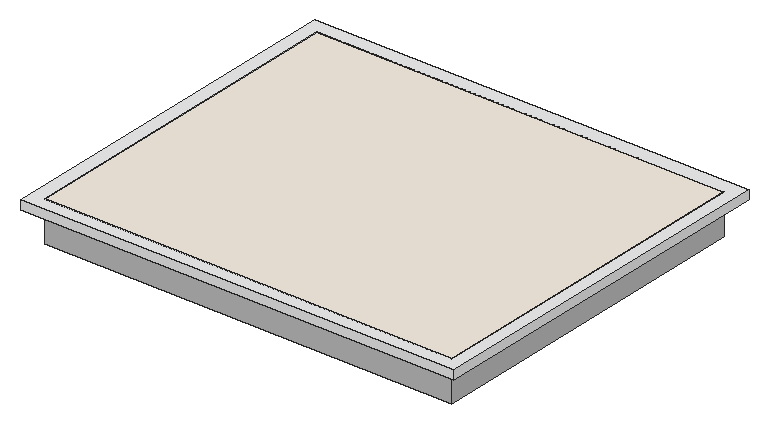
Revit family "Lighting-Industrial-GEWISS-ELIA-HL-LED_HIGHBAY", category Apparecchi per illuminazione, host Superficie, Revit 2019 (continued)
Types (12, lengths in mm): name | Weight (kg): | Weight (kg) | Voltage | Technical sheet | System power | Optic | built-in parameter 1150142 | Lumen output (lm) | Model | IDT | File diagramma fotometrico | Description
    1107.01 10877.01 \r\n10630.88 10363.22 10071.36 9747.21 9410.96 9088.16 \r\n8769.40 8457.36 8153.39 7861.52 7581.76 7311.42 7054.52 \r\n6817.80 6594.53 6377.99 6166.82 5954.31 5748.53 5557.54 \r\n5374.62 5205.15 5041.06 4878.31 4720.95 4571.65 4429.09 \r\n4283.82 4141.25 4002.72 3866.88 3732.38 3600.56 3476.82 \r\n3357.12 3241.45 3125.78 3010.11 2894.44 2778.77 2664.04 \r\n2548.64 2436.60 2333.71 2235.12 2135.46 2040.90 1956.71 \r\n1878.29 1802.03 1728.73 1657.31 1588.71 1524.15 1461.75 \r\n1400.01 1339.08 1279.09 1220.32 1162.21 1106.40 1054.08 \r\n1004.31 956.70 911.24 867.79 825.56 783.73 743.25 706.13 \r\n670.89 636.86 604.04 571.49 539.88 509.62 480.84 454.34 \r\n429.59 405.52 382.52 360.73 339.48 318.63 298.59 279.89 \r\n261.70 243.35 225.14 207.09 189.34 171.99 155.28 139.52 \r\n124.55 110.38 96.88 83.86 71.50 59.99 49.21 39.11 29.98 \r\n22.09 15.57 10.66 7.25 5.30 4.84 \r\n13471.52 13472.86 13475.55 13478.24 13480.93 13486.31 \r\n13491.69 13499.76 13506.49 13514.56 13523.97 13533.39 \r\n13544.15 13556.25 13569.70 13583.15 13596.60 13610.05 \r\n13624.85 13638.30 13654.44 13667.89 13684.03 13698.82 \r\n13714.96 13728.41 13743.21 13756.66 13770.11 13780.87 \r\n13791.63 13801.04 13809.11 13814.49 13818.53 13819.87 \r\n13819.87 13815.84 13810.46 13802.39 13791.63 13776.83 \r\n13760.69 13739.17 13716.31 13690.75 13659.82 13626.19 \r\n13589.88 13548.18 13501.11 13452.69 13400.23 13341.05 \r\n13277.84 13206.55 13132.58 13049.19 12960.42 12860.89 \r\n12751.94 12637.62 12511.19 12372.65 12222.01 12063.30 \r\n11892.49 11712.26 11522.61 11324.90 11115.08 10889.12 \r\n10642.98 10376.67 10087.50 9763.35 9428.45 9101.61 \r\n8778.81 8462.74 8157.42 7864.21 7581.76 7312.76 7059.90 \r\n6824.53 6599.91 6382.02 6169.51 5958.35 5753.91 5561.57 \r\n5378.65 5206.49 5039.71 4876.97 4718.26 4568.96 4423.70 \r\n4279.79 4137.22 4000.03 3864.18 3731.03 3600.56 3476.82 \r\n3357.12 3240.11 3124.43 3010.11 2894.44 2780.11 2664.98 \r\n2549.72 2437.54 2332.36 2231.76 2133.04 2039.56 1956.03 \r\n1878.02 1802.03 1728.86 1657.58 1588.98 1524.42 1462.01 \r\n1400.28 1339.49 1278.96 1219.38 1160.87 1104.38 1051.92 \r\n1002.16 955.35 910.70 867.66 825.83 783.73 743.25 706.26 \r\n671.29 637.66 604.98 572.57 541.23 511.10 482.45 456.22 \r\n431.48 407.00 383.32 361.13 339.61 318.90 298.86 280.16 \r\n262.15 243.92 225.73 207.40 189.38 171.97 155.25 139.53 \r\n124.57 110.33 96.75 83.70 71.34 59.83 49.08 38.95 29.82 \r\n22.02 15.59 10.68 7.25 5.30 4.83 \r\n13471.52 13474.21 13475.55 13478.24 13482.28 13486.31 \r\n13493.04 13499.76 13506.49 13514.56 13523.97 13534.73 \r\n13544.15 13556.25 13568.36 13581.81 13596.60 13610.05 \r\n13623.50 13638.30 13653.09 13669.23 13682.68 13698.82 \r\n13713.62 13727.07 13741.86 13755.31 13768.76 13780.87 \r\n13790.28 13801.04 13807.77 13813.15 13818.53 13818.53 \r\n13819.87 13817.18 13810.46 13802.39 13791.63 13776.83 \r\n13760.69 13740.52 13716.31 13690.75 13662.51 13630.23 \r\n13591.22 13549.53 13505.14 13455.38 13402.92 13345.09 \r\n13280.53 13211.93 13136.61 13054.57 12965.80 12866.27 \r\n12760.01 12644.34 12517.91 12380.72 12231.43 12071.37 \r\n11901.90 11720.33 11529.34 11331.62 11121.80 10895.84 \r\n10652.40 10387.43 10099.60 9778.15 9441.90 9112.37 \r\n8785.54 8468.12 8158.77 7862.87 7581.76 7315.45 7063.94 \r\n6829.91 6606.64 6387.40 6173.55 5963.73 5760.64 5568.30 \r\n5384.03 5207.84 5038.37 4874.28 4714.22 4563.59 4418.32 \r\n4274.41 4133.18 3997.34 3862.84 3729.68 3599.22 3475.48 \r\n3354.43 3237.41 3123.09 3007.42 2893.09 2778.77 2665.66 \r\n2550.79 2438.22 2330.62 2227.86 2129.81 2038.08 1955.23 \r\n1877.35 1801.63 1728.73 1657.85 1589.52 1524.96 1462.55 \r\n1400.95 1339.89 1278.96 1218.70 1159.39 1102.63 1049.77 \r\n1000.28 954.14 910.30 867.79 825.96 783.87 743.38 706.66 \r\n672.10 638.61 606.19 574.05 542.71 512.71 484.33 458.38 \r\n433.49 408.48 384.40 361.67 339.88 318.90 299.13 280.57 \r\n262.68 244.51 226.28 207.69 189.40 171.93 155.24 139.54 \r\n124.64 110.30 96.61 83.52 71.16 59.66 48.93 38.78 29.63 \r\n21.93 15.59 10.69 7.24 5.29 4.82 \r\n13471.52 13474.21 13475.55 13478.24 13482.28 13487.66 \r\n13493.04 13499.76 13506.49 13514.56 13522.63 13533.39 \r\n13544.15 13556.25 13569.70 13583.15 13596.60 13610.05 \r\n13623.50 13638.30 13653.09 13667.89 13684.03 13697.48 \r\n13713.62 13727.07 13741.86 13755.31 13768.76 13779.52 \r\n13790.28 13801.04 13807.77 13813.15 13817.18 13818.53 \r\n13818.53 13815.84 13810.46 13803.73 13791.63 13778.18 \r\n13762.04 13741.86 13719.00 13692.10 13663.85 13631.57 \r\n13593.91 13553.56 13506.49 13459.41 13405.61 13347.78 \r\n13284.56 13215.97 13140.65 13058.60 12969.83 12871.65 \r\n12765.39 12649.72 12524.64 12387.45 12239.50 12079.44 \r\n11907.28 11727.05 11536.06 11337.00 11125.84 10899.88 \r\n10657.78 10396.85 10110.36 9790.25 9454.00 9121.79 \r\n8792.26 8470.81 8160.11 7861.52 7581.76 7315.45 7067.97 \r\n6835.29 6614.71 6391.44 6176.24 5969.11 5770.05 5576.37 \r\n5389.41 5209.18 5037.02 4870.24 4711.53 4559.55 4411.60 \r\n4267.68 4127.80 3991.96 3858.80 3726.99 3596.53 3472.79 \r\n3353.09 3236.07 3120.40 3007.42 2893.09 2780.11 2666.06 \r\n2551.73 2438.75 2328.46 2223.28 2126.44 2036.46 1954.15 \r\n1876.68 1801.22 1728.59 1658.12 1590.06 1525.63 1463.23 \r\n1401.76 1340.70 1279.09 1218.30 1158.45 1101.02 1047.89 \r\n998.39 953.20 910.03 867.79 826.23 784.13 743.65 707.34 \r\n673.04 639.68 607.40 575.39 544.46 514.73 486.62 460.53 \r\n435.65 410.22 385.48 362.21 340.02 319.17 299.40 281.10 \r\n263.20 245.06 226.78 207.96 189.43 171.89 155.23 139.58 \r\n124.71 110.28 96.49 83.36 70.98 59.48 48.77 38.59 29.46 \r\n21.83 15.58 10.69 7.23 5.28 4.80 \r\n13471.52 13474.21 13475.55 13478.24 13482.28 13487.66 \r\n13493.04 13499.76 13505.14 13513.21 13522.63 13533.39 \r\n13544.15 13556.25 13568.36 13581.81 13595.26 13610.05 \r\n13623.50 13638.30 13653.09 13667.89 13682.68 13697.48 \r\n13712.27 13728.41 13741.86 13755.31 13767.42 13779.52 \r\n13790.28 13799.70 13806.42 13811.80 13817.18 13819.87 \r\n13818.53 13815.84 13810.46 13802.39 13791.63 13778.18 \r\n13760.69 13741.86 13719.00 13693.44 13665.20 13631.57 \r\n13595.26 13554.91 13509.18 13460.76 13406.96 13350.47 \r\n13287.25 13217.31 13143.34 13062.64 12973.87 12877.03 \r\n12770.77 12655.10 12528.67 12392.83 12246.22 12084.82 \r\n11912.66 11731.09 11538.75 11338.35 11127.18 10902.57 \r\n10661.81 10400.88 10117.09 9796.98 9463.42 9128.51 \r\n8796.30 8472.15 8158.77 7861.52 7579.07 7316.80 7072.01 \r\n6840.67 6620.09 6396.82 6178.93 5975.84 5778.12 5583.10 \r\n5394.80 5210.53 5035.68 4868.90 4708.85 4552.82 4404.88 \r\n4260.96 4122.43 3987.92 3856.11 3724.30 3595.18 3471.45 \r\n3349.05 3232.03 3117.71 3004.73 2891.75 2778.77 2666.33 \r\n2552.27 2439.02 2326.31 2218.98 2123.22 2034.85 1953.07 \r\n1875.74 1800.69 1728.46 1658.25 1590.60 1526.44 1464.03 \r\n1402.57 1341.64 1279.50 1217.90 1157.51 1099.54 1046.41 \r\n997.05 952.39 909.89 867.93 826.50 784.40 744.05 707.87 \r\n673.98 640.76 608.75 576.87 546.20 516.61 488.64 462.68 \r\n437.53 411.70 386.42 362.61 340.15 319.44 299.80 281.37 \r\n263.69 245.56 227.21 208.19 189.44 171.88 155.23 139.64 \r\n124.78 110.26 96.37 83.20 70.80 59.31 48.61 38.41 29.28 \r\n21.73 15.56 10.68 7.21 5.26 4.79 \r\n13471.52 13474.21 13476.90 13479.59 13482.28 13487.66 \r\n13493.04 13499.76 13506.49 13514.56 13522.63 13532.04 \r\n13544.15 13556.25 13569.70 13583.15 13596.60 13610.05 \r\n13623.50 13638.30 13653.09 13666.54 13682.68 13697.48 \r\n13712.27 13727.07 13740.52 13753.97 13767.42 13779.52 \r\n13790.28 13799.70 13806.42 13813.15 13817.18 13818.53 \r\n13818.53 13815.84 13811.80 13803.73 13792.97 13779.52 \r\n13762.04 13741.86 13719.00 13694.79 13666.54 13632.92 \r\n13596.60 13556.25 13510.52 13462.10 13409.65 13350.47 \r\n13287.25 13220.00 13144.68 13063.98 12976.56 12879.72 \r\n12773.46 12657.79 12531.36 12395.52 12248.91 12087.51 \r\n11915.35 11732.43 11540.10 11341.04 11128.53 10903.91 \r\n10663.16 10403.57 10121.12 9803.70 9470.14 9133.89 \r\n8800.33 8472.15 8157.42 7858.83 7577.73 7318.14 7074.70 \r\n6846.05 6625.47 6399.51 6181.62 5979.87 5784.85 5591.16 \r\n5400.17 5214.56 5032.99 4866.21 4706.15 4548.79 4398.15 \r\n4255.58 4118.39 3983.89 3852.08 3722.96 3593.84 3468.75 \r\n3346.36 3230.69 3116.36 3002.04 2890.40 2778.77 2666.33 \r\n2552.54 2439.02 2324.29 2215.21 2120.26 2033.51 1952.00 \r\n1874.93 1800.15 1728.19 1658.52 1591.27 1527.11 1464.70 \r\n1403.37 1342.44 1279.90 1217.76 1156.70 1098.60 1045.20 \r\n996.11 951.72 910.03 868.06 826.77 784.81 744.32 708.55 \r\n674.92 641.83 609.69 578.35 547.82 518.36 490.52 464.43 \r\n439.14 412.91 387.36 363.15 340.42 319.57 300.07 281.91 \r\n264.10 245.96 227.53 208.34 189.44 171.85 155.23 139.68 \r\n124.84 110.26 96.28 83.07 70.65 59.17 48.47 38.27 29.13 \r\n21.64 15.54 10.67 7.19 5.24 4.77 \r\n13471.52 13474.21 13476.90 13479.59 13482.28 13487.66 \r\n13493.04 13498.42 13506.49 13514.56 13522.63 13533.39 \r\n13544.15 13557.60 13568.36 13581.81 13595.26 13608.71 \r\n13624.85 13638.30 13651.75 13667.89 13681.34 13697.48 \r\n13713.62 13727.07 13740.52 13753.97 13767.42 13778.18 \r\n13791.63 13799.70 13807.77 13813.15 13815.84 13818.53 \r\n13818.53 13815.84 13810.46 13802.39 13791.63 13778.18 \r\n13762.04 13740.52 13719.00 13694.79 13667.89 13632.92 \r\n13597.95 13554.91 13509.18 13463.45 13409.65 13350.47 \r\n13288.60 13218.66 13146.03 13065.33 12976.56 12879.72 \r\n12774.81 12659.14 12532.71 12398.21 12250.26 12088.86 \r\n11916.70 11733.78 11540.10 11341.04 11125.84 10902.57 \r\n10663.16 10402.23 10119.78 9805.05 9474.18 9135.24 \r\n8798.99 8473.50 8156.08 7857.49 7575.04 7316.80 7077.39 \r\n6848.74 6628.16 6402.20 6184.31 5985.25 5791.57 5595.20 \r\n5404.21 5215.91 5032.99 4863.52 4704.81 4546.10 4392.77 \r\n4250.20 4113.01 3981.20 3849.39 3720.27 3591.15 3467.41 \r\n3346.36 3228.00 3115.02 3002.04 2889.06 2778.77 2666.33 \r\n2552.81 2439.02 2322.55 2212.26 2117.84 2032.29 1951.33 \r\n1874.39 1799.88 1728.06 1658.65 1591.67 1527.65 1465.24 \r\n1404.18 1343.12 1280.17 1217.76 1156.43 1097.79 1044.53 \r\n995.30 951.45 910.03 868.33 826.91 784.94 744.86 709.08 \r\n675.46 642.64 610.63 579.43 549.03 519.71 492.00 465.91 \r\n440.35 413.99 387.90 363.42 340.55 319.84 300.20 282.18 \r\n264.43 246.24 227.76 208.45 189.43 171.84 155.24 139.72 \r\n124.90 110.26 96.22 82.96 70.53 59.05 48.37 38.14 29.00 \r\n21.57 15.51 10.65 7.18 5.23 4.76 \r\n" | "26900" | "GWF1000QL840" | "14b5b9b0-561a-4f5d-801c-4a8b77cc0f06" | "GWF1000QL840.IES" | "ELIA HL L2 90° 4000K S.ALONE ON/OFF"
